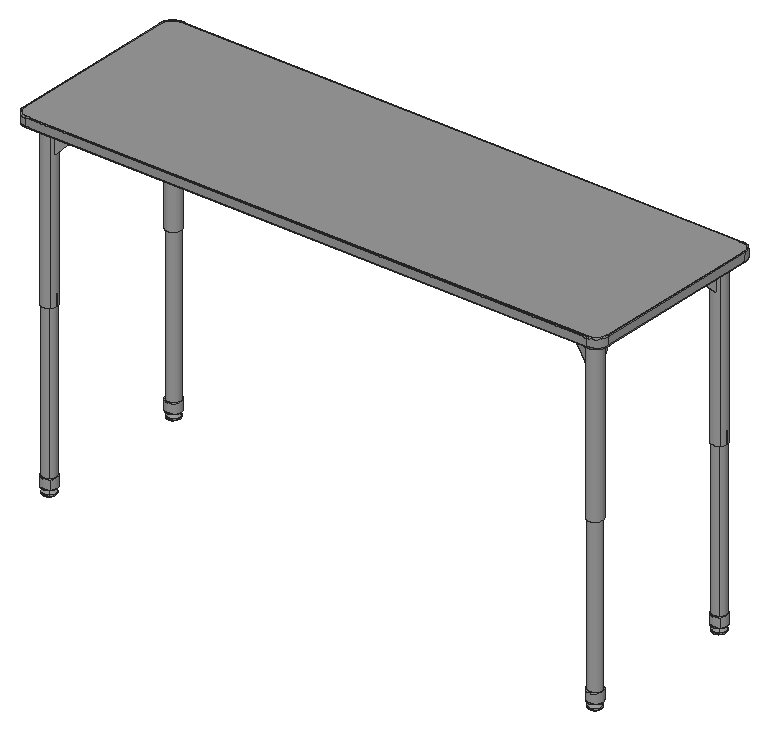
Revit family "Hierarchy Activity 72x24 Rectangle Table - Standing Height", category Furniture, Revit 2018
Family settings
  Work Plane-Based = No
  Always vertical = Yes
  Cut with Voids When Loaded = No
  Shared = No
  Room Calculation Point = No
Parameters
  Table Height = 3' - 5"
  Surface = Hierarchy Activity 72x24 Rectangle Table Standing Surface
  Leg Finish = Hierarchy Leg Platinum
  Edgeband = Hierarchy Activity 72x24 Rectangle Table Standing Edgeband
  Caster/Glide = Hierarchy Standing Leg - Glide : Hierarchy Standing Leg - Glide
Reference planes (in)
  plane 1 "Center (Front/Back)": y = 0
  plane 2: z = 0
  plane 3 "Center (Left/Right)": x = 0
  plane 4: z = 41
Dimensions and locks (in)
  "Table Height": plane 4 to level
  aligned and locked: plane 2 to level
  aligned and locked: nested 1 to plane 4
Nested families (in)
  nested 1: "Activity 72x24 Tabletop" at (0, 0, 17.075), type "Activity 72x24 Tabletop"
  nested 2: "Hierarchy Standing Leg - Glide" at (33.59074, 9.56213, 0) x (0.7071, -0.7071, 0) z (0, 0, 1), Leg Height <- "Table Height", type <- "Caster/Glide", Leg Finish <- "Leg Finish", type "Hierarchy Standing Leg - Glide"
  nested 3: "Hierarchy Standing Leg - Glide" at (33.59074, -9.56213, 0) x (0.7071, 0.7071, 0) z (0, 0, 1), Leg Height <- "Table Height", type <- "Caster/Glide", Leg Finish <- "Leg Finish", type "Hierarchy Standing Leg - Glide"
  nested 4: "Hierarchy Standing Leg - Glide" at (-33.59074, 9.56213, 0) x (-0.7071, -0.7071, 0) z (0, 0, 1), Leg Height <- "Table Height", Leg Finish <- "Leg Finish", type "Hierarchy Standing Leg - Glide"
  nested 5: "Hierarchy Standing Leg - Glide" at (-33.59074, -9.56213, 0) x (-0.7071, 0.7071, 0) z (0, 0, 1), Leg Height <- "Table Height", Leg Finish <- "Leg Finish", type "Hierarchy Standing Leg - Glide"
Definition of nested family "Activity 72x24 Tabletop"
  Parameters (values of type "Activity 72x24 Tabletop")
    Surface = none
    Edgeband = none
  Reference planes (in)
    plane 1 "Center (Front/Back)": y = 0
    plane 2: z = 0
    plane 3 "Center (Left/Right)": x = 0
  Forms (in)
    Extrusion 1, solid, material <- "Surface"
      sketch origin (0, 0, 0) x (1, 0, 0) y (0, 1, 0)
        loop
          line (34.50092, 11.88189) -> (-34.50092, 11.88189)
          arc (-34.50092, 11.88189) -> (-35.47807, 11.47714) -> (-35.88281, 10.5) r 1.38189
          line (-35.88281, 10.5) -> (-35.88281, -10.5)
          arc (-35.88281, -10.5) -> (-35.47807, -11.47714) -> (-34.50092, -11.88189) r 1.38189
          line (-34.50092, -11.88189) -> (34.50092, -11.88189)
          arc (34.50092, -11.88189) -> (35.47807, -11.47714) -> (35.88281, -10.5) r 1.38189
          line (35.88281, -10.5) -> (35.88281, 10.5)
          arc (35.88281, 10.5) -> (35.47807, 11.47714) -> (34.50092, 11.88189) r 1.38189
      from 23.925 to 25.125
    Sweep 2, solid, material <- "Edgeband"
      path origin (0, 0, 0) x (1, 0, 0) y (0, 1, 0)
        loop
          line (34.50092, 11.88189) -> (-34.50092, 11.88189)
          arc (-34.50092, 11.88189) -> (-35.47807, 11.47714) -> (-35.88281, 10.5) r 1.38189
          line (-35.88281, 10.5) -> (-35.88281, -10.5)
          arc (-35.88281, -10.5) -> (-35.47807, -11.47714) -> (-34.50092, -11.88189) r 1.38189
          line (-34.50092, -11.88189) -> (34.50092, -11.88189)
          arc (34.50092, -11.88189) -> (35.47807, -11.47714) -> (35.88281, -10.5) r 1.38189
          line (35.88281, -10.5) -> (35.88281, 10.5)
          arc (35.88281, 10.5) -> (35.47807, 11.47714) -> (34.50092, 11.88189) r 1.38189
      profile origin (0, 11.88189, 0) x (0, -1, 0) y (0, 0, 1)
        loop
          arc (-0.11811, 24.04311) -> (-0.08352, 23.95959) -> (0, 23.925) r 0.11811
          line (0, 23.925) -> (0, 25.125)
          arc (0, 25.125) -> (-0.08352, 25.09041) -> (-0.11811, 25.00689) r 0.11811
          line (-0.11811, 25.00689) -> (-0.11811, 24.04311)
  Dimensions and locks (in)
    aligned and locked: plane 2 to level
Definition of nested family "Hierarchy Standing Leg - Glide"
  Parameters (values of type "Hierarchy Standing Leg - Glide")
    Leg Finish [instance] = none
    Leg Height [instance] = 3' - 5"
  Reference planes (in)
    plane 1 "Center (Front/Back)": y = 0
    plane 2: z = 0
    plane 3 "Center (Left/Right)": x = 0
  Forms (in)
    Extrusion 1, solid
      sketch origin (-0.01562, 0, 0) x (1, 0, 0) y (0, 1, 0)
        loop
          circle (0.01563, 0) r 0.79147
      from 2 to 23.175
    Revolve 2, solid
      sketch origin (0, 0, 0) x (1, 0, 0) y (0, 0, 1)
        loop
          line (0, 2) -> (0, 0.74937) -> (0.84838, 0.74937)
          arc (0.84838, 0.74937) -> (0.89342, 0.76803) -> (0.91207, 0.81306) r 0.06369
          line (0.91207, 0.81306) -> (0.91207, 1.93631)
          arc (0.91207, 1.93631) -> (0.89342, 1.98134) -> (0.84838, 2) r 0.06369
          line (0.84838, 2) -> (0, 2)
        axis (0, 2) -> (0, 0.74937)
      angle from 0 to 360
    Revolve 3, solid
      sketch origin (0, 0, 0) x (1, 0, 0) y (0, 0, 1)
        loop
          line (0, 0.75) -> (0, 0) -> (0.74583, 0) -> (0.79147, 0.09013) -> (0.79147, 0.16241) -> (0.12474, 0.5) -> (0.12474, 0.75) -> (0, 0.75)
        axis (0, 0.75) -> (0, 0)
      angle from 0 to 360
  Dimensions and locks (in)
    "Leg Height": nested 1 to level
    aligned and locked: plane 2 to level
  Automatic sketch dimensions
    plane 1 "Center (Front/Back)" to Extrusion 1 sketch curve = 0' - 0"
    Extrusion 1 sketch curve to plane 3 "Center (Left/Right)" = 0' - 0"
    Revolve 2 sketch curve to plane 3 "Center (Left/Right)" = 0' - 0"  (x2)
    plane 3 "Center (Left/Right)" to Revolve 2 sketch curve = 0' - 0.84838"
    Revolve 2 sketch curve to Revolve 2 sketch curve = 0' - 0.84838"
    Revolve 2 sketch curve to Revolve 2 sketch curve = 0' - 0.06369"
    level to Revolve 2 sketch curve = 0' - 0.74937"
    Revolve 2 sketch curve to Revolve 2 sketch curve = 0' - 1.12324"
    Revolve 2 sketch curve to Revolve 2 sketch curve = 0' - 0.13731"
    Revolve 2 sketch curve to Revolve 2 sketch curve = 0' - 0 3/4"
    Revolve 3 sketch curve to plane 3 "Center (Left/Right)" = 0' - 0"  (x2)
    Revolve 3 sketch curve to level = 0' - 0"
    plane 3 "Center (Left/Right)" to Revolve 3 sketch curve = 0' - 0.12474"
    plane 3 "Center (Left/Right)" to Revolve 3 sketch curve = 0' - 0.74583"
    Revolve 3 sketch curve to Revolve 3 sketch curve = 0' - 0.04564"
    level to Revolve 3 sketch curve = 0' - 0.09013"
    Revolve 3 sketch curve to Revolve 3 sketch curve = 0' - 0.07228"
    level to Revolve 3 sketch curve = 0' - 0 1/2"
    Revolve 3 sketch curve to Revolve 3 sketch curve = 0' - 0 1/4"
    Revolve 3 sketch curve to level = 0' - 0 1/8"
    Revolve 3 sketch curve to Revolve 3 sketch curve = 0' - 0 1/8"
    radius of Extrusion 1 sketch curve = 0' - 0.79147"
  Nested families (in)
    nested 1: "Hierarchy Standing Upper Leg 2023" at (0, 0, 0.19983), Leg Finish <- "Leg Finish", type "Hierarchy Standing Upper Leg 2023"
      with Leg Finish none
  Definition of nested family "Hierarchy Standing Upper Leg 2023"
    Parameters (values of type "Hierarchy Standing Upper Leg 2023")
      Leg Finish [instance] = none
    Reference planes (in)
      plane 1 "Center (Front/Back)": y = 0
      plane 2: z = 0
      plane 3 "Center (Left/Right)": x = 0
    Forms (in)
      Extrusion 1, solid, material <- "Leg Finish"
        sketch origin (0, 0, 0) x (1, 0, 0) y (0, 1, 0)
          loop
            circle (0, 0) r 0.9129
        from 20.67418 to 40.67418
      Extrusion 2, solid, material <- "Leg Finish"
        sketch origin (0, 0, 12.998) x (1, 0, 0) y (0, 1, 0)
          loop
            line (-1.70174, 0.19183) -> (-3.96611, -4.49738)
            arc (-3.96611, -4.49738) -> (-3.91977, -5.33444) -> (-3.18615, -5.74016) r 0.86614
            line (-3.18615, -5.74016) -> (3.18615, -5.74016)
            arc (3.18615, -5.74016) -> (3.91977, -5.33444) -> (3.96611, -4.49738) r 0.86614
            line (3.96611, -4.49738) -> (1.70174, 0.19183)
            arc (1.70174, 0.19183) -> (0, 1.25984) -> (-1.70174, 0.19183) r 1.88976
        from 27.67618 to 27.80217
      Extrusion 3, solid, material <- "Leg Finish"
        sketch origin (12.41967, 1.58692, 0) x (0.434844, 0.900506, 0) y (0, 0, 1)
          loop
            arc (-12.68776, 40.67418) -> (-12.80559, 40.56418) -> (-12.70394, 40.43908) r 0.11811
            arc (-12.70394, 40.43908) -> (-9.98192, 39.53509) -> (-7.76426, 37.71614) r 7.87402
            arc (-7.76426, 37.71614) -> (-7.63344, 37.68136) -> (-7.55587, 37.79229) r 0.11811
            line (-7.55587, 37.79229) -> (-7.55587, 40.67418) -> (-12.68776, 40.67418)
        from -11.10976 to -10.98378
      Extrusion 4, solid, material <- "Leg Finish"
        sketch origin (-12.41967, 1.58692, 0) x (-0.434844, 0.900506, 0) y (0, 0, -1)
          loop
            line (-12.68776, -40.67418) -> (-7.55587, -40.67418) -> (-7.55587, -37.79229)
            arc (-7.55587, -37.79229) -> (-7.63344, -37.68136) -> (-7.76426, -37.71614) r 0.11811
            arc (-7.76426, -37.71614) -> (-9.98192, -39.53509) -> (-12.70394, -40.43908) r 7.87402
            arc (-12.70394, -40.43908) -> (-12.80559, -40.56418) -> (-12.68776, -40.67418) r 0.11811
        from -11.10976 to -10.98378
    Dimensions and locks (in)
      aligned and locked: plane 2 to level
